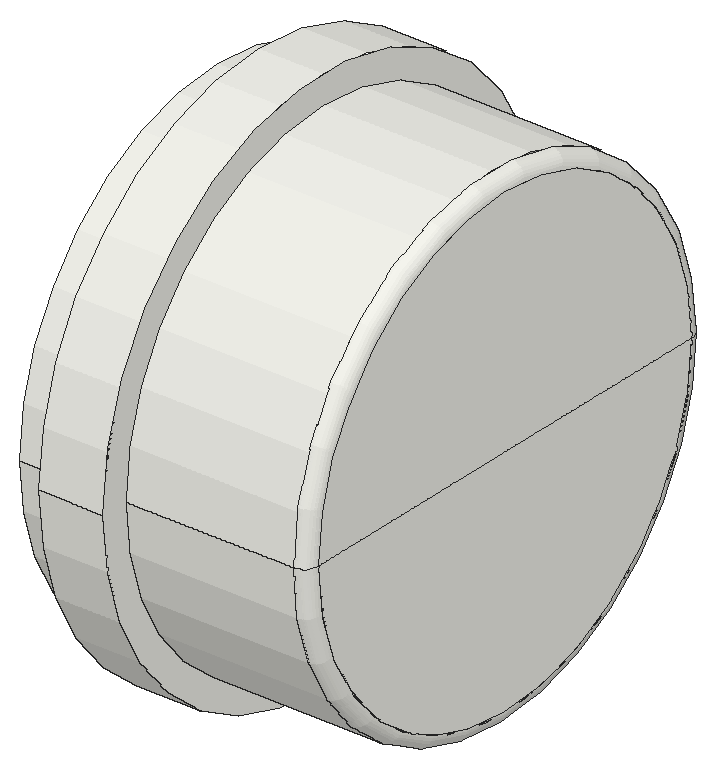
Revit family "Cap_Redux", category Pipe Fittings, Revit 2025
Family settings
  Round Connector Dimension = Use Radius
  Part Type = Cap
  Work Plane-Based = No
  Always vertical = Yes
  Cut with Voids When Loaded = No
  Shared = No
Parameters (values of type "Standard")
  URL = "http://www.tigre.com.br"
  Type Comments = ""
  Tigre: Sistema = "Esgoto"  # constant formula
  Tigre: Norma = ""
  Tigre: Material = "PVC Bege Pérola"  # constant formula
  Tigre: Marcador [instance] = "00"
  Tigre: Link do Produto = "http://www.tigre.com.br/pt/produtos_unico.php?rcr_id=4&cpr_id=10&cpr_id_pai=4&lnh_id=10&prd_id=733"
  Tigre: Linha = "Redux"  # constant formula
  Tigre: Fabricante = "© Tigre S/A"  # constant formula
  Tigre: Descrição [instance] = if(Diâmetro Nominal = 40.00 mm, "Cap 40mm, Redux - TIGRE", if(Diâmetro Nominal = 50.00 mm, "Cap 50mm, Redux - TIGRE", if(Diâmetro Nominal = 75.00 mm, "Cap 75mm, Redux - TIGRE", if(Diâmetro Nominal = 100.00 mm, "Cap 100mm, Redux - TIGRE", if(Diâmetro Nominal = 150.00 mm, "Cap 150mm, Redux - TIGRE", "Produto Inexistente")))))  # "Cap 75mm, Redux - TIGRE"
  Tigre: Código com Separador [instance] = if(Diâmetro Nominal = 75.00 mm, "100002816", if(Diâmetro Nominal = 100.00 mm, "100002817", if(Diâmetro Nominal = 150.00 mm, "100002818", if(Diâmetro Nominal = 50.00 mm, "100002792", if(Diâmetro Nominal = 40.00 mm, "100002791", "Produto ou Código Inexistente")))))  # "100002816"
  Tigre: Código [instance] = if(Diâmetro Nominal = 40.00 mm, 100002791, if(Diâmetro Nominal = 50.00 mm, 100002792, if(Diâmetro Nominal = 75.00 mm, 100002816, if(Diâmetro Nominal = 100.00 mm, 100002817, if(Diâmetro Nominal = 150.00 mm, 100002818, 0)))))  # 100002816
  Tigre: Comentários [instance] = ""
  Representação Unifilar [instance] = Diâmetro Nominal * 0.2  # 15.00 mm
  Raio Nominal Externo [instance] = size_lookup(Lookup Table Name, "RaioNE", 0.5153 * Diâmetro Nominal + 1.37 mm, Diâmetro Nominal)  # 39.80 mm
  Raio Nominal [instance] = 37.50 mm
  Raio [instance] = Raio Nominal Externo - Raio Nominal  # 2.30 mm
  Model = ""
  Manufacturer = Tigre: Fabricante  # "© Tigre S/A"
  Loss Method = Not Defined
  Lookup Table Name = "Cap - Serie Reforcada - Esgoto - MEP - Tigre"
  Largura da Bolsa [instance] = size_lookup(Lookup Table Name, "LarB", 0.0927 * Diâmetro Nominal + 4.01 mm, Diâmetro Nominal)  # 11.65 mm
  Default Elevation = 0.00 mm
  Acabamento [instance] = none
  Description = "Cap, Redux - TIGRE"
  Bolsa [instance] = Afastamento A da Bolsa > 1.00 mm  # yes
  Assembly Code = ""
  Altura da Bolsa [instance] = size_lookup(Lookup Table Name, "AltB", 0.0322 * Diâmetro Nominal + 1.50 mm, Diâmetro Nominal)  # 4.50 mm
  Diâmetro Nominal [instance] = Raio Nominal * 2  # 75.00 mm
  Altura [instance] = size_lookup(Lookup Table Name, "Alt", 0.4543 * Diâmetro Nominal + 6.93 mm, Diâmetro Nominal)  # 44.00 mm
  Afastamento B da Bolsa [instance] = Afastamento A da Bolsa * 1.25  # 6.65 mm
  Afastamento A da Bolsa [instance] = size_lookup(Lookup Table Name, "AfsB", 0.0268 * Diâmetro Nominal + 1.98 mm, Diâmetro Nominal)  # 5.32 mm
Reference planes
  plane 1 "Center (Front/Back)": y = 0
  plane 2: z = 0
  plane 3 "Center (Left/Right)": x = 0
  plane 4: x = 46.3
  plane 5: x = 44
Forms (mm)
  Revolve 1, solid, material "PVC", detail levels fine
    sketch origin (0, 0, 0) x (1, 0, 0) y (0, 1, 0)
      loop
        line (44, 0) -> (46.3, 0) -> (46.3, 37.5)
        arc (46.3, 37.5) -> (45.626, 39.126) -> (44, 39.8) r 2.3
        line (44, 39.8) -> (44, 0)
      axis (44, 0) -> (46.3, 0)
    angle from 0 to 360
  Sweep 2, solid, material "PVC", detail levels fine
    path origin (0, 0, 0) x (1, 0, 0) y (0, 1, 0)
      loop
        line (44, 0) -> (0, 0)
    profile origin (22, 0, 0) x (0, -1, 0) y (0, 0, 1)
      loop
        circle (0, 0) r 39.8
      loop
        circle (0, 0) r 37.5
  Sweep 3, solid, material "PVC", visible <- "Bolsa", detail levels fine
    path origin (0, 0, 0) x (1, 0, 0) y (0, 1, 0)
      loop
        line (5.32, 0) -> (16.97, 0)
    profile origin (11.145, 0, 0) x (0, 1, 0) y (0, 0, 1)
      loop
        circle (0, 0) r 44.3
      loop
        circle (0, 0) r 37.5
  Revolve 4, void
    sketch origin (0, 0, 0) x (1, 0, 0) y (0, 1, 0)
      loop
        line (6.65, 44.3) -> (-1, 44.3) -> (-1, 39.8) -> (5.32, 39.8) -> (6.65, 44.3)
      axis (6.65, 0) -> (-1, 0)
    angle from 0 to 360
Cuts and joins
  Revolve 4 cuts Revolve 1
  Revolve 4 cuts Sweep 2
  joined: Revolve 1, Sweep 2
  Revolve 4 cuts Sweep 3
Lines and regions (mm)
  model lines, detail levels coarse+medium
    curve 1: line (46.3, -15, 0) -> (46.3, 15, 0)
    curve 2: line (46.3, 15, 0) -> (23.15, 15, 0)
    curve 3: line (46.3, -15, 0) -> (23.15, -15, 0)
Dimensions and locks
  "Raio": plane 5 to plane 4
  "Raio Nominal": plane 1 "Center (Front/Back)" to Revolve 1 sketch curve
  "Altura": plane 3 "Center (Left/Right)" to plane 5
  "Representação Unifilar": curve 2 to plane 1 "Center (Front/Back)"
  "Representação Unifilar": plane 1 "Center (Front/Back)" to curve 3
  "Raio Nominal Externo": plane 1 "Center (Front/Back)" to Revolve 1 sketch curve
  "Afastamento A da Bolsa": plane 3 "Center (Left/Right)" to Sweep 3 sketch curve
  "Largura da Bolsa": Sweep 3 sketch curve to Sweep 3 sketch curve
  "Altura da Bolsa": Revolve 4 sketch curve to Revolve 4 sketch curve
  locked: Revolve 4 sketch curve to plane 3 "Center (Left/Right)" at 1
  "Raio Nominal Externo": Revolve 4 sketch curve to plane 1 "Center (Front/Back)"
  "Afastamento B da Bolsa": plane 3 "Center (Left/Right)" to Revolve 4 sketch curve
  "Afastamento A da Bolsa": plane 3 "Center (Left/Right)" to Revolve 4 sketch curve
  equal spacing: plane 3 "Center (Left/Right)", curve 2, plane 4
  "Raio Nominal Externo": radius of Sweep 2 sketch curve
  "Raio Nominal": radius of Sweep 2 sketch curve
  "Raio Nominal": radius of Sweep 3 sketch curve
  aligned and locked: plane 1 "Center (Front/Back)" to Revolve 1 sketch curve  (x2)
  aligned and locked: Revolve 1 sketch curve to plane 4
  aligned and locked: curve 1 to plane 4
  aligned and locked: plane 4 to curve 2
  aligned and locked: Revolve 1 sketch curve to plane 5
  aligned and locked: plane 5 to Revolve 1 sketch curve
  aligned and locked: plane 4 to Revolve 1 sketch curve
  aligned and locked: plane 3 "Center (Left/Right)" to Sweep 2 sketch curve
  aligned and locked: plane 5 to Sweep 2 sketch curve
  aligned and locked: Sweep 2 sketch curve to plane 1 "Center (Front/Back)"
  aligned and locked: plane 1 "Center (Front/Back)" to Sweep 3 sketch curve
  aligned and locked: Revolve 4 sketch curve to plane 1 "Center (Front/Back)"
  aligned and locked: Sweep 3 sketch curve to Revolve 4  (x2)
  aligned and locked: curve 2 to curve 3
Automatic sketch dimensions
  Revolve 1 sketch curve to plane 4 = 0.00 mm
  Revolve 1 sketch curve to plane 4 = 7.026 mm
  Sweep 2 sketch curve to Sweep 2 sketch curve = 0.00 mm  (x2)
  Sweep 2 sketch curve to level = 0.00 mm
  Sweep 2 sketch curve to profile plane = 0.00 mm
  Sweep 3 sketch curve to Sweep 3 sketch curve = 0.00 mm  (x2)
  Revolve 4 sketch curve to plane 3 "Center (Left/Right)" = 0.00 mm
  plane 3 "Center (Left/Right)" to Revolve 4 sketch curve = 16.97 mm
Connectors
  piping at (44, 0, 0), diameter 75, driven by "Raio Nominal"
    settings: on cut or joined group of Revolve 1, Sweep 2, Revolve 4, index 1, connector inside diameter 75.00 mm, connector length 0.00 mm, flow factor 0, pipe flow 0.0 L/s, pressure drop 0.0 Pa, fitting loss kfactor 0, connector angle 0.00°, fixture units 0, engagement length 0.00 mm, angle of deflection 0.00°, flow configuration 0, flow direction 0, fitting loss method 0, system type 28, joint type 0, gender type 0, connector reference index -1, connector utility 0, adjustable connector no, is connector primary yes, connector description ""
